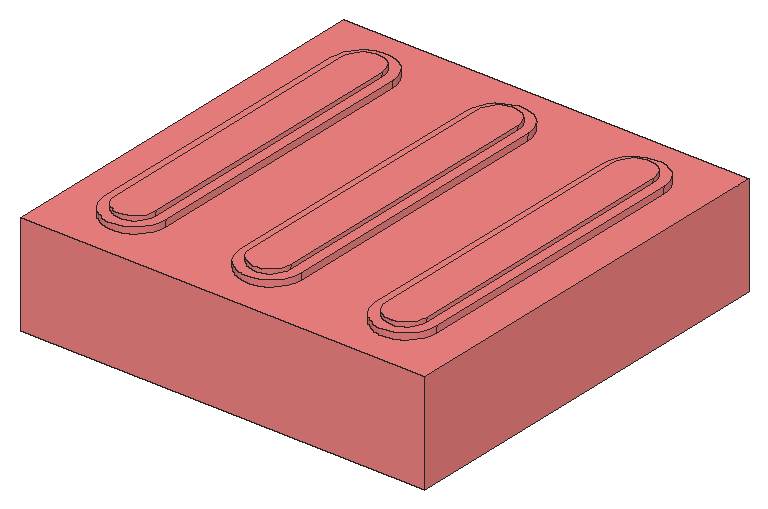
Revit family "podotatil direcional", category Generic Models, Revit 2016
Family settings
  Part Type = Normal
  Can host rebar = No
  Round Connector Dimension = Use Diameter
  Work Plane-Based = No
  Always vertical = Yes
  Cut with Voids When Loaded = No
  Shared = No
  Room Calculation Point = No
Reference planes (cm)
  plane 1 "Center (Front/Back)": y = 0
  plane 2: z = 0
  plane 3 "Center (Left/Right)": x = 0
Forms (cm)
  Extrusion 1, solid, material "Ceramica vermelha"
    sketch origin (0, 0, 0) x (1, 0, 0) y (0, 1, 0)
      loop
        line (-34.0927, 37.6866) -> (-34.0927, 17.6866) -> (-14.0927, 17.6866) -> (-14.0927, 37.6866) -> (-34.0927, 37.6866)
    from 0 to 5
  Extrusion 2, solid, material "Ceramica vermelha"
    sketch origin (0, 0, 0) x (1, 0, 0) y (0, 1, 0)
      loop
        arc (-15.8927, 34.6866) -> (-17.3927, 36.1866) -> (-18.8927, 34.6866) r 1.5
        line (-18.8927, 34.6866) -> (-18.8927, 20.6866)
        arc (-18.8927, 20.6866) -> (-17.3927, 19.1866) -> (-15.8927, 20.6866) r 1.5
        line (-15.8927, 20.6866) -> (-15.8927, 34.6866)
      loop
        arc (-22.5927, 34.6866) -> (-24.0927, 36.1866) -> (-25.5927, 34.6866) r 1.5
        line (-25.5927, 34.6866) -> (-25.5927, 20.6866)
        arc (-25.5927, 20.6866) -> (-24.0927, 19.1866) -> (-22.5927, 20.6866) r 1.5
        line (-22.5927, 20.6866) -> (-22.5927, 34.6866)
      loop
        arc (-29.2927, 34.6866) -> (-30.7927, 36.1866) -> (-32.2927, 34.6866) r 1.5
        line (-32.2927, 34.6866) -> (-32.2927, 20.6866)
        arc (-32.2927, 20.6866) -> (-30.7927, 19.1866) -> (-29.2927, 20.6866) r 1.5
        line (-29.2927, 20.6866) -> (-29.2927, 34.6866)
    from 5.3 to 5
  Extrusion 3, solid, material "Ceramica vermelha"
    sketch origin (0, 0, 0) x (1, 0, 0) y (0, 1, 0)
      loop
        line (-16.3927, 20.6866) -> (-16.3927, 34.6866)
        arc (-16.3927, 34.6866) -> (-17.3927, 35.6866) -> (-18.3927, 34.6866) r 1
        line (-18.3927, 34.6866) -> (-18.3927, 20.6866)
        arc (-18.3927, 20.6866) -> (-17.3927, 19.6866) -> (-16.3927, 20.6866) r 1
      loop
        line (-23.0927, 20.6866) -> (-23.0927, 34.6866)
        arc (-23.0927, 34.6866) -> (-24.0927, 35.6866) -> (-25.0927, 34.6866) r 1
        line (-25.0927, 34.6866) -> (-25.0927, 20.6866)
        arc (-25.0927, 20.6866) -> (-24.0927, 19.6866) -> (-23.0927, 20.6866) r 1
      loop
        line (-29.7927, 20.6866) -> (-29.7927, 34.6866)
        arc (-29.7927, 34.6866) -> (-30.7927, 35.6866) -> (-31.7927, 34.6866) r 1
        line (-31.7927, 34.6866) -> (-31.7927, 20.6866)
        arc (-31.7927, 20.6866) -> (-30.7927, 19.6866) -> (-29.7927, 20.6866) r 1
    from 5.5 to 5.3
Dimensions and locks (cm)
  aligned and locked: plane 2 to level
